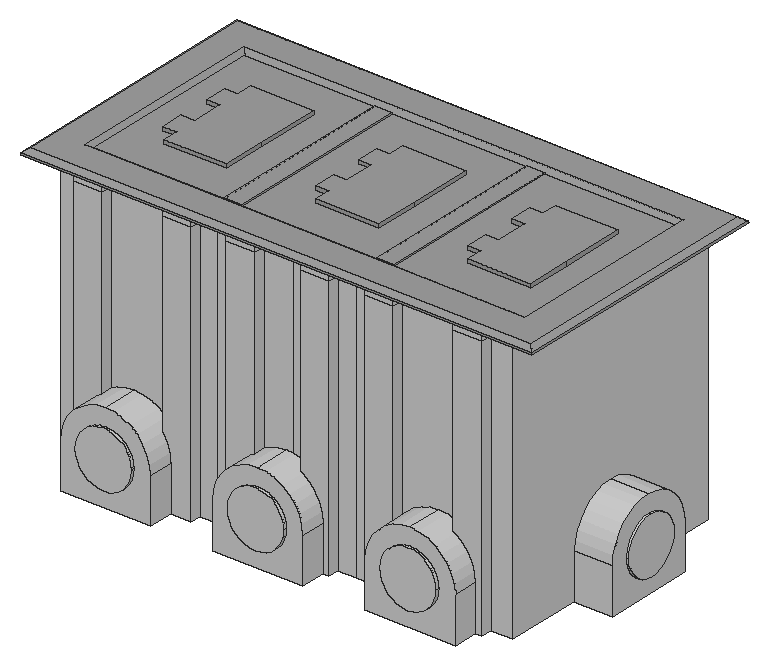
Revit family "Electrical_Equipment-Floor_Box-Hubbell_Wiring-3_Gang-Rectangular_Non_Metallic_Cover-PFBRG3", category Electrical Fixtures, host Face, Revit 2015
Parameters (values of type "PFBRG3 - 3 Gang - Metal Cover")
  Unit Height Note [instance] = "Min = 3.0in.  Max = 6.0in."  # constant formula
  Unit Height [instance] = 0' - 6"
  URL = "http://www.hubbell-wiring.com/"
  Right Cover Type [instance] = Covers : PFBR826GYA - Non_Metallic Cover - Gray
  Product data url = "https://bimobject.com/hubbellwiring/product/systemone-pfbrg3"
  Product Page URL = "http://ecatalog.hubbell-wiring.com/productinformation/viewcatalog.aspx?Dest=hubbell-wiring.com/press/catalog/L.pdf&Page=4"
  Product Documentation Link = "http://ecatalog.hubbell-wiring.com/press/catalog/L-11.pdf"
  Model = "PFBRG3"
  Manufacturer = "Hubbell-Wiring"  # constant formula
  Left Cover Type [instance] = Covers : PFBR826GYA - Non_Metallic Cover - Gray
  Floor Box Type = Non_Metallic Concrete Floor Box : PFBRG3 - Non_Metallic Concrete Floor Box
  Description = "Flush Rectangular Non-Metallic Concrete Floor Boxes with Non_Metallic Covers"  # constant formula
  Default Elevation = 0' - 0"
  Cover Accessory Type [instance] = Carpet Flange : PFBRFGY3 - Non_Metallic Carpet Flange - Gray
  Construction Note [instance] = "Cover with Duplex and Style Line decorator inserts included"  # constant formula
  Conduit Connector_8 Description = "Conduit 1.25in. Connection"  # constant formula
  Conduit Connector_7 Description = "Conduit 1.25in. Connection"  # constant formula
  Conduit Connector_6 Description = "Conduit 1.25in. Connection"  # constant formula
  Conduit Connector_5 Description = "Conduit 1.25in. Connection"  # constant formula
  Conduit Connector_4 Description = "Conduit 1.25in. Connection"  # constant formula
  Conduit Connector_3 Description = "Conduit 1.25in. Connection"  # constant formula
  Conduit Connector_2 Description = "Conduit 1.25in. Connection"  # constant formula
  Conduit Connector_1 Description = "Conduit 1.25in. Connection"  # constant formula
  Conduit Connector 1 Radius = 0' - 0 5/8"  # constant formula
  Collar Material = Non_Metallic-Hubbell-Plastic
  Center Cover Type [instance] = Covers : PFBR826GYA - Non_Metallic Cover - Gray
  Box Material = Non_Metallic-Hubbell-Plastic
  Assembly Code = "D5020115"
  Adapter Ring Part Number = "PFBRAC"
  Adapter Frame Part Number = "S5017G / SA5017G"
Reference planes (in)
  plane 1 "Center (Front/Back)": y = 0
  plane 2: z = 0
  plane 3 "Center (Left/Right)": x = 0
Forms (in)
  Extrusion 1, void, detail levels fine
    sketch origin (0, 0, 0) x (1, 0, 0) y (0, 1, 0)
      loop
        line (-5.01062, 3) -> (-5.01062, -3) -> (5.01063, -3) -> (5.01063, 3) -> (-5.01062, 3)
    from 0 to -6
Lines and regions (in)
  symbolic lines
    curve 1: line (-5.67, -3, 0) -> (5.66984, -3, 0)
    curve 2: line (-5.67, 3, 0) -> (-5.67, -3, 0)
    curve 3: line (5.66984, 3, 0) -> (-5.67, 3, 0)
    curve 4: line (5.66984, -3, 0) -> (5.66984, 3, 0)
Dimensions and locks (in)
  locked: host face to nested 3 at 0.04297
  aligned and locked: plane 2 to host face
  aligned and locked: level to host face
  aligned: level to Extrusion 1
  aligned and locked: plane 1 "Center (Front/Back)" to nested 1
  aligned: plane 2 to nested 1  (x4)
  aligned: Extrusion 1 to nested 1  (x8)
  aligned and locked: plane 1 "Center (Front/Back)" to nested 2
  aligned and locked: plane 3 "Center (Left/Right)" to nested 2
  aligned and locked: plane 3 "Center (Left/Right)" to nested 1
  aligned: plane 2 to nested 2
  aligned: Extrusion 1 to nested 2  (x2)
  aligned: nested 1 to Extrusion 1
  aligned: nested 2 to plane 2  (x2)
  aligned and locked: host face to Extrusion 1
  aligned and locked: plane 1 "Center (Front/Back)" to nested 3
  aligned: nested 3 to nested 1  (x2)
  aligned: nested 4 to nested 1  (x2)
  aligned and locked: plane 1 "Center (Front/Back)" to nested 4
  aligned: nested 4 to nested 3
  aligned and locked: plane 3 "Center (Left/Right)" to nested 5
  aligned and locked: plane 1 "Center (Front/Back)" to nested 5
  aligned: nested 4 to nested 5
  aligned and locked: nested 1 to nested 3
  aligned and locked: nested 4 to nested 1
  aligned and locked: Extrusion 1 to nested 1  (x3)
  aligned and locked: plane 2 to nested 1
  aligned and locked: nested 2 to host face
  aligned and locked: nested 5 to nested 3
  aligned and locked: nested 4 to nested 5
  aligned and locked: Extrusion 1 to nested 2
  aligned and locked: nested 2 to Extrusion 1
  aligned and locked: curve 1 to nested 2
  aligned and locked: curve 2 to nested 2
  aligned and locked: curve 3 to nested 2
  aligned and locked: curve 4 to nested 2
Nested families (in)
  nested 1: "Non_Metallic Concrete Floor Box" at (-3.37688, 0, 0), Unit Height <- "Unit Height", type <- "Floor Box Type", type "PFBRG3 - Non_Metallic Concrete Floor Box"
    with Unit Height 0' - 6"
  nested 2: "Carpet Flange" at (0, 0, 0), type <- "Cover Accessory Type", type "PFBRFGY3 - Non_Metallic Carpet Flange - Gray"
  nested 3: "Covers" at (-3.37687, 0, -0.04297), type <- "Left Cover Type", type "PFBR826GYA - Non_Metallic Cover - Gray"
  nested 4: "Covers" at (3.37688, 0, -0.04297), type <- "Right Cover Type", type "PFBR826GYA - Non_Metallic Cover - Gray"
  nested 5: "Covers" at (0, 0, -0.04297), type <- "Center Cover Type", type "PFBR826GYA - Non_Metallic Cover - Gray"
Connectors (in)
  cabletrayconduit at (-3.37687, -3.56429, -5), diameter 1.25, driven by "Conduit Connector 1 Radius", driven by "Conduit Connector_1 Description"
    settings: on nested 1, index 1, connector width 1' - 0", connector height 1' - 0", connector angle 0.00°, system type 32, placement type 0, profile type 0, connector reference index -1, is primary connector yes, connector utility param no, connector description "Conduit 1.25in. Connection"
  cabletrayconduit at (0, -3.56429, -5), diameter 1.25, driven by "Conduit Connector 1 Radius", driven by "Conduit Connector_2 Description"
    settings: on nested 1, index 2, connector width 1' - 0", connector height 1' - 0", connector angle 0.00°, system type 32, placement type 0, profile type 0, connector reference index -1, is primary connector no, connector utility param no, connector description "Conduit 1.25in. Connection"
  cabletrayconduit at (3.37688, -3.56429, -5), diameter 1.25, driven by "Conduit Connector 1 Radius", driven by "Conduit Connector_3 Description"
    settings: on nested 1, index 3, connector width 1' - 0", connector height 1' - 0", connector angle 0.00°, system type 32, placement type 0, profile type 0, connector reference index -1, is primary connector no, connector utility param no, connector description "Conduit 1.25in. Connection"
  cabletrayconduit at (5.92312, -0.00392, -5), diameter 1.25, driven by "Conduit Connector 1 Radius", driven by "Conduit Connector_4 Description"
    settings: on nested 1, index 4, connector width 1' - 0", connector height 1' - 0", connector angle 0.00°, system type 32, placement type 0, profile type 0, connector reference index -1, is primary connector no, connector utility param no, connector description "Conduit 1.25in. Connection"
  cabletrayconduit at (3.37688, 3.56429, -5), diameter 1.25, driven by "Conduit Connector 1 Radius", driven by "Conduit Connector_5 Description"
    settings: on nested 1, index 5, connector width 1' - 0", connector height 1' - 0", connector angle 0.00°, system type 32, placement type 0, profile type 0, connector reference index -1, is primary connector no, connector utility param no, connector description "Conduit 1.25in. Connection"
  cabletrayconduit at (0, 3.56429, -5), diameter 1.25, driven by "Conduit Connector 1 Radius", driven by "Conduit Connector_6 Description"
    settings: on nested 1, index 6, connector width 1' - 0", connector height 1' - 0", connector angle 0.00°, system type 32, placement type 0, profile type 0, connector reference index -1, is primary connector no, connector utility param no, connector description "Conduit 1.25in. Connection"
  cabletrayconduit at (-3.37687, 3.56429, -5), diameter 1.25, driven by "Conduit Connector 1 Radius", driven by "Conduit Connector_7 Description"
    settings: on nested 1, index 7, connector width 1' - 0", connector height 1' - 0", connector angle 0.00°, system type 32, placement type 0, profile type 0, connector reference index -1, is primary connector no, connector utility param no, connector description "Conduit 1.25in. Connection"
  cabletrayconduit at (-6.08187, 0, -5), diameter 1.25, driven by "Conduit Connector 1 Radius", driven by "Conduit Connector_8 Description"
    settings: on nested 1, index 8, connector width 1' - 0", connector height 1' - 0", connector angle 0.00°, system type 32, placement type 0, profile type 0, connector reference index -1, is primary connector no, connector utility param no, connector description "Conduit 1.25in. Connection"
Definition of nested family "Non_Metallic Concrete Floor Box"
  Parameters
    Unit Height [instance] = 0' - 6"
    Cover Material = none
    Conduit Connector Offset = 0' - 1"
    Conduit Connector 1 Radius = 0' - 0 5/8"
    Can Material = none
    Assembly Code = ""
  Reference planes (in)
    plane 1 "Center (Front/Back)": y = 0
    plane 2: z = 0
    plane 3 "Left Cover": x = 0
    plane 4: z = -6
    plane 5: z = -5
    plane 6 "Center Cover": x = 3.37688
    plane 7 "Right Cover": x = 6.75375
  Forms (in)
    Extrusion 1, solid, material <- "Can Material"
      sketch origin (0, 0, 0) x (1, 0, 0) y (0, 0, -1)
        loop
          arc (-0.625, 5) -> (-0.44194, 4.55806) -> (0, 4.375) r 0.625
          arc (0, 4.375) -> (0.44194, 4.55806) -> (0.625, 5) r 0.625
          arc (0.625, 5) -> (0.44194, 5.44194) -> (0, 5.625) r 0.625
          arc (0, 5.625) -> (-0.44194, 5.44194) -> (-0.625, 5) r 0.625
      from -3.50179 to -3.56429
    Extrusion 2, solid, material <- "Can Material"
      sketch origin (0, 0, -2) x (1, 0, 0) y (0, 0, 1)
        loop
          line (-1, -4) -> (1, -4) -> (1, -3)
          arc (1, -3) -> (0.70711, -2.29289) -> (0, -2) r 1
          arc (0, -2) -> (-0.70711, -2.29289) -> (-1, -3) r 1
          line (-1, -3) -> (-1, -4)
      from 2.705 to 3.50179
    Extrusion 3, solid, material <- "Can Material"
      sketch origin (0, 0, 0) x (1, 0, 0) y (0, 0, 1)
        loop
          arc (-0.625, -5) -> (-0.44194, -5.44194) -> (0, -5.625) r 0.625
          arc (0, -5.625) -> (0.44194, -5.44194) -> (0.625, -5) r 0.625
          arc (0.625, -5) -> (0.44194, -4.55806) -> (0, -4.375) r 0.625
          arc (0, -4.375) -> (-0.44194, -4.55806) -> (-0.625, -5) r 0.625
      from -3.50179 to -3.56429
    Extrusion 4, solid, material <- "Can Material"
      sketch origin (0, 0, 0) x (1, 0, 0) y (0, 0, -1)
        loop
          arc (-1, 5) -> (-0.70711, 4.29289) -> (0, 4) r 1
          arc (0, 4) -> (0.70711, 4.29289) -> (1, 5) r 1
          line (1, 5) -> (1, 6) -> (-1, 6) -> (-1, 5)
      from 2.705 to 3.50179
    Extrusion 5, solid, material <- "Can Material"
      sketch origin (0, 0, 0) x (0, 1, 0) y (0, 0, 1)
        loop
          arc (-0.625, -5) -> (-0.44194, -5.44194) -> (0, -5.625) r 0.625
          arc (0, -5.625) -> (0.44194, -5.44194) -> (0.625, -5) r 0.625
          arc (0.625, -5) -> (0.44194, -4.55806) -> (0, -4.375) r 0.625
          arc (0, -4.375) -> (-0.44194, -4.55806) -> (-0.625, -5) r 0.625
      from -2.6425 to -2.705
    Extrusion 6, solid, material <- "Can Material"
      sketch origin (0, 0, 0) x (0, 1, 0) y (0, 0, -1)
        loop
          line (-1, 6) -> (-1, 5)
          arc (-1, 5) -> (-0.70711, 4.29289) -> (0, 4) r 1
          arc (0, 4) -> (0.70711, 4.29289) -> (1, 5) r 1
          line (1, 5) -> (1, 6) -> (-1, 6)
      from 1.4965 to 2.6425
    Extrusion 7, solid, material <- "Cover Material"
      sketch origin (0, 0, 0.22509) x (1, 0, 0) y (0, 1, 0)
        loop
          line (4.87338, 2.078) -> (1.88038, 2.078) -> (1.88038, -2.078) -> (4.87338, -2.078) -> (4.87338, 2.078)
        loop
          line (-1.4965, 2.078) -> (-1.4965, -2.078) -> (1.4965, -2.078) -> (1.4965, 2.078) -> (-1.4965, 2.078)
        loop
          line (-1.14044, 2.705) -> (-1.63375, 2.705) -> (-1.63375, -2.705) -> (-1.14044, -2.705) -> (-1.14044, -2.955) -> (-0.51424, -2.955) -> (-0.51424, -2.705) -> (0.82674, -2.705) -> (0.82674, -2.955) -> (1.45294, -2.955) -> (1.45294, -2.705) -> (1.82958, -2.705) -> (2.23644, -2.705) -> (2.23644, -2.955) -> (2.86264, -2.955) -> (2.86264, -2.705) -> (3.53312, -2.705) -> (3.89111, -2.705) -> (3.89111, -2.955) -> (4.51731, -2.955) -> (4.51731, -2.705) -> (4.92417, -2.705) -> (5.30081, -2.705) -> (5.30081, -2.955) -> (5.92701, -2.955) -> (5.92701, -2.705) -> (7.26799, -2.705) -> (7.26799, -2.955) -> (7.89419, -2.955) -> (7.89419, -2.705) -> (8.3875, -2.705) -> (8.3875, 2.705) -> (7.89419, 2.705) -> (7.89419, 2.955) -> (7.26799, 2.955) -> (7.26799, 2.705) -> (5.92701, 2.705) -> (5.92701, 2.955) -> (5.30081, 2.955) -> (5.30081, 2.705) -> (5.04861, 2.705) -> (4.51731, 2.705) -> (4.51731, 2.955) -> (3.89111, 2.955) -> (3.89111, 2.705) -> (2.86264, 2.705) -> (2.86264, 2.955) -> (2.23644, 2.955) -> (2.23644, 2.705) -> (1.70514, 2.705) -> (1.45294, 2.705) -> (1.45294, 2.955) -> (0.82674, 2.955) -> (0.82674, 2.705) -> (-0.51424, 2.705) -> (-0.51424, 2.955) -> (-1.14044, 2.955) -> (-1.14044, 2.705)
        loop
          line (8.25025, 2.078) -> (5.25725, 2.078) -> (5.25725, -2.078) -> (8.25025, -2.078) -> (8.25025, 2.078)
      from -0.36509 to -0.22509
    Extrusion 8, solid, material <- "Can Material"
      sketch origin (0, 0, 7.9375) x (1, 0, 0) y (0, 1, 0)
        loop
          line (0.82674, 2.705) -> (-0.51424, 2.705) -> (-0.51424, 2.955) -> (-1.14044, 2.955) -> (-1.14044, 2.705) -> (-1.63375, 2.705) -> (-1.63375, -2.705) -> (-1.14044, -2.705) -> (-1.14044, -2.955) -> (-0.51424, -2.955) -> (-0.51424, -2.705) -> (0.82674, -2.705) -> (0.82674, -2.955) -> (1.45294, -2.955) -> (1.45294, -2.705) -> (1.82958, -2.705) -> (2.23644, -2.705) -> (2.23644, -2.955) -> (2.86264, -2.955) -> (2.86264, -2.705) -> (3.53312, -2.705) -> (3.89111, -2.705) -> (3.89111, -2.955) -> (4.51731, -2.955) -> (4.51731, -2.705) -> (4.92417, -2.705) -> (5.30081, -2.705) -> (5.30081, -2.955) -> (5.92701, -2.955) -> (5.92701, -2.705) -> (7.26799, -2.705) -> (7.26799, -2.955) -> (7.89419, -2.955) -> (7.89419, -2.705) -> (8.3875, -2.705) -> (8.3875, 2.705) -> (7.89419, 2.705) -> (7.89419, 2.955) -> (7.26799, 2.955) -> (7.26799, 2.705) -> (5.92701, 2.705) -> (5.92701, 2.955) -> (5.30081, 2.955) -> (5.30081, 2.705) -> (5.04861, 2.705) -> (4.51731, 2.705) -> (4.51731, 2.955) -> (3.89111, 2.955) -> (3.89111, 2.705) -> (2.86264, 2.705) -> (2.86264, 2.955) -> (2.23644, 2.955) -> (2.23644, 2.705) -> (1.70514, 2.705) -> (1.45294, 2.705) -> (1.45294, 2.955) -> (0.82674, 2.955) -> (0.82674, 2.705)
      from -13.9375 to -12.9375
    Extrusion 9, solid, material <- "Can Material"
      sketch origin (0, 0, 7.9375) x (1, 0, 0) y (0, 1, 0)
        loop
          line (0.82674, 2.705) -> (-0.51424, 2.705) -> (-0.51424, 2.955) -> (-1.14044, 2.955) -> (-1.14044, 2.705) -> (-1.63375, 2.705) -> (-1.63375, -2.705) -> (-1.14044, -2.705) -> (-1.14044, -2.955) -> (-0.51424, -2.955) -> (-0.51424, -2.705) -> (0.82674, -2.705) -> (0.82674, -2.955) -> (1.45294, -2.955) -> (1.45294, -2.705) -> (1.82958, -2.705) -> (2.23644, -2.705) -> (2.23644, -2.955) -> (2.86264, -2.955) -> (2.86264, -2.705) -> (3.53312, -2.705) -> (3.89111, -2.705) -> (3.89111, -2.955) -> (4.51731, -2.955) -> (4.51731, -2.705) -> (4.92417, -2.705) -> (5.30081, -2.705) -> (5.30081, -2.955) -> (5.92701, -2.955) -> (5.92701, -2.705) -> (7.26799, -2.705) -> (7.26799, -2.955) -> (7.89419, -2.955) -> (7.89419, -2.705) -> (8.3875, -2.705) -> (8.3875, 2.705) -> (7.89419, 2.705) -> (7.89419, 2.955) -> (7.26799, 2.955) -> (7.26799, 2.705) -> (5.92701, 2.705) -> (5.92701, 2.955) -> (5.30081, 2.955) -> (5.30081, 2.705) -> (5.04861, 2.705) -> (4.51731, 2.705) -> (4.51731, 2.955) -> (3.89111, 2.955) -> (3.89111, 2.705) -> (2.86264, 2.705) -> (2.86264, 2.955) -> (2.23644, 2.955) -> (2.23644, 2.705) -> (1.70514, 2.705) -> (1.45294, 2.705) -> (1.45294, 2.955) -> (0.82674, 2.955) -> (0.82674, 2.705)
        loop
          line (-1.4965, 2.078) -> (-1.4965, -2.078) -> (1.4965, -2.078) -> (1.4965, 2.078) -> (-1.4965, 2.078)
        loop
          line (1.88038, 2.078) -> (1.88038, -2.078) -> (4.87338, -2.078) -> (4.87338, 2.078) -> (1.88038, 2.078)
        loop
          line (5.25725, 2.078) -> (5.25725, -2.078) -> (8.25025, -2.078) -> (8.25025, 2.078) -> (5.25725, 2.078)
      from -12.9375 to -8.0775
    Extrusion 10, solid, material <- "Can Material"
      sketch origin (3.37688, 0, 0) x (1, 0, 0) y (0, 0, -1)
        loop
          arc (-0.625, 5) -> (-0.44194, 4.55806) -> (0, 4.375) r 0.625
          arc (0, 4.375) -> (0.44194, 4.55806) -> (0.625, 5) r 0.625
          arc (0.625, 5) -> (0.44194, 5.44194) -> (0, 5.625) r 0.625
          arc (0, 5.625) -> (-0.44194, 5.44194) -> (-0.625, 5) r 0.625
      from -3.50179 to -3.56429
    Extrusion 11, solid, material <- "Can Material"
      sketch origin (3.37688, 0, -2) x (1, 0, 0) y (0, 0, 1)
        loop
          line (-1, -4) -> (1, -4) -> (1, -3)
          arc (1, -3) -> (0.70711, -2.29289) -> (0, -2) r 1
          arc (0, -2) -> (-0.70711, -2.29289) -> (-1, -3) r 1
          line (-1, -3) -> (-1, -4)
      from 2.705 to 3.50179
    Extrusion 12, solid, material <- "Can Material"
      sketch origin (3.37688, 0, 0) x (1, 0, 0) y (0, 0, 1)
        loop
          arc (-0.625, -5) -> (-0.44194, -5.44194) -> (0, -5.625) r 0.625
          arc (0, -5.625) -> (0.44194, -5.44194) -> (0.625, -5) r 0.625
          arc (0.625, -5) -> (0.44194, -4.55806) -> (0, -4.375) r 0.625
          arc (0, -4.375) -> (-0.44194, -4.55806) -> (-0.625, -5) r 0.625
      from -3.50179 to -3.56429
    Extrusion 13, solid, material <- "Can Material"
      sketch origin (3.37688, 0, 0) x (1, 0, 0) y (0, 0, -1)
        loop
          arc (-1, 5) -> (-0.70711, 4.29289) -> (0, 4) r 1
          arc (0, 4) -> (0.70711, 4.29289) -> (1, 5) r 1
          line (1, 5) -> (1, 6) -> (-1, 6) -> (-1, 5)
      from 2.705 to 3.50179
    Extrusion 14, solid, material <- "Can Material"
      sketch origin (6.66913, -0.00392, 0) x (0, 1, 0) y (0, 0, -1)
        loop
          arc (-0.625, 5) -> (-0.44194, 4.55806) -> (0, 4.375) r 0.625
          arc (0, 4.375) -> (0.44194, 4.55806) -> (0.625, 5) r 0.625
          arc (0.625, 5) -> (0.44194, 5.44194) -> (0, 5.625) r 0.625
          arc (0, 5.625) -> (-0.44194, 5.44194) -> (-0.625, 5) r 0.625
      from -2.56837 to -2.63087
    Extrusion 15, solid, material <- "Can Material"
      sketch origin (6.595, 0, 0) x (0, 1, 0) y (0, 0, 1)
        loop
          arc (0, -4) -> (-0.70711, -4.29289) -> (-1, -5) r 1
          line (-1, -5) -> (-1, -6) -> (1, -6) -> (1, -5)
          arc (1, -5) -> (0.70711, -4.29289) -> (0, -4) r 1
      from 1.66217 to 2.6425
    Extrusion 16, solid, material <- "Can Material"
      sketch origin (6.75375, 0, 0) x (1, 0, 0) y (0, 0, -1)
        loop
          arc (-0.625, 5) -> (-0.44194, 4.55806) -> (0, 4.375) r 0.625
          arc (0, 4.375) -> (0.44194, 4.55806) -> (0.625, 5) r 0.625
          arc (0.625, 5) -> (0.44194, 5.44194) -> (0, 5.625) r 0.625
          arc (0, 5.625) -> (-0.44194, 5.44194) -> (-0.625, 5) r 0.625
      from -3.50179 to -3.56429
    Extrusion 17, solid, material <- "Can Material"
      sketch origin (6.75375, 0, -2) x (1, 0, 0) y (0, 0, 1)
        loop
          line (-1, -4) -> (1, -4) -> (1, -3)
          arc (1, -3) -> (0.70711, -2.29289) -> (0, -2) r 1
          arc (0, -2) -> (-0.70711, -2.29289) -> (-1, -3) r 1
          line (-1, -3) -> (-1, -4)
      from 2.705 to 3.50179
    Extrusion 18, solid, material <- "Can Material"
      sketch origin (6.75375, 0, 0) x (1, 0, 0) y (0, 0, 1)
        loop
          arc (-0.625, -5) -> (-0.44194, -5.44194) -> (0, -5.625) r 0.625
          arc (0, -5.625) -> (0.44194, -5.44194) -> (0.625, -5) r 0.625
          arc (0.625, -5) -> (0.44194, -4.55806) -> (0, -4.375) r 0.625
          arc (0, -4.375) -> (-0.44194, -4.55806) -> (-0.625, -5) r 0.625
      from -3.50179 to -3.56429
    Extrusion 19, solid, material <- "Can Material"
      sketch origin (6.75375, 0, 0) x (1, 0, 0) y (0, 0, -1)
        loop
          arc (-1, 5) -> (-0.70711, 4.29289) -> (0, 4) r 1
          arc (0, 4) -> (0.70711, 4.29289) -> (1, 5) r 1
          line (1, 5) -> (1, 6) -> (-1, 6) -> (-1, 5)
      from 2.705 to 3.50179
  Cuts and joins
    joined: Extrusion 1, Extrusion 2, Extrusion 3, Extrusion 4, Extrusion 5, Extrusion 6, Extrusion 8, Extrusion 9, Extrusion 10, Extrusion 11, Extrusion 12, Extrusion 13, Extrusion 14, Extrusion 15, Extrusion 16, Extrusion 17, Extrusion 18, Extrusion 19
  Dimensions and locks (in)
    "Conduit Connector Offset": plane 5 to plane 4
    "Unit Height": level to plane 4
    "Conduit Connector 1 Radius": radius of Extrusion 1 sketch curve
    "Conduit Connector 1 Radius": radius of Extrusion 3 sketch curve
    "Conduit Connector 1 Radius": radius of Extrusion 5 sketch curve
    "Conduit Connector 1 Radius": radius of Extrusion 10 sketch curve
    "Conduit Connector 1 Radius": radius of Extrusion 12 sketch curve
    "Conduit Connector 1 Radius": radius of Extrusion 14 sketch curve
    "Conduit Connector 1 Radius": radius of Extrusion 16 sketch curve
    "Conduit Connector 1 Radius": radius of Extrusion 18 sketch curve
    aligned and locked: plane 2 to level
    aligned and locked: Extrusion 1 to Extrusion 2
    aligned and locked: Extrusion 4 to Extrusion 3
    aligned and locked: Extrusion 6 to Extrusion 5
    aligned: plane 2 to Extrusion 7
    aligned: plane 4 to Extrusion 8
    aligned and locked: level to Extrusion 7
    aligned: Extrusion 8 to plane 5
    aligned and locked: Extrusion 9 to plane 5
    aligned and locked: Extrusion 7 to Extrusion 9
    aligned and locked: Extrusion 10 to Extrusion 11
    aligned and locked: Extrusion 13 to Extrusion 12
    aligned and locked: Extrusion 14 to Extrusion 15
    aligned and locked: Extrusion 16 to Extrusion 17
    aligned and locked: Extrusion 19 to Extrusion 18
    aligned and locked: cut or joined group 1 (Extrusion 1, Extrusion 2, Extrusion 3, Extrusion 4, Extrusion 5, Extrusion 6, Extrusion 8, Extrusion 9, Extrusion 10, Extrusion 11, Extrusion 12, Extrusion 13, Extrusion 14, Extrusion 15, Extrusion 16, Extrusion 17, Extrusion 18, Extrusion 19) to plane 5  (x4)
    aligned and locked: cut or joined group 1 to plane 4  (x9)
    aligned and locked: plane 4 to cut or joined group 1  (x3)
    aligned and locked: plane 5 to cut or joined group 1  (x6)
  Automatic sketch dimensions
    Extrusion 1 sketch curve to Extrusion 1 sketch curve = 0' - 0"
    Extrusion 1 sketch curve to plane 5 = 0' - 0"
    Extrusion 1 sketch curve to plane 3 "Left Cover" = 0' - 0"
    Extrusion 2 sketch curve to Extrusion 2 sketch curve = 0' - 0"  (x2)
    Extrusion 2 sketch curve to plane 5 = 0' - 0"
    Extrusion 2 sketch curve to plane 4 = 0' - 0"
    Extrusion 2 sketch curve to plane 3 "Left Cover" = 0' - 0"
    Extrusion 2 sketch curve to plane 3 "Left Cover" = 0' - 1"
    Extrusion 3 sketch curve to Extrusion 3 sketch curve = 0' - 0"
    Extrusion 3 sketch curve to plane 5 = 0' - 0"
    Extrusion 3 sketch curve to plane 3 "Left Cover" = 0' - 0"
    Extrusion 4 sketch curve to Extrusion 4 sketch curve = 0' - 0"  (x2)
    Extrusion 4 sketch curve to plane 5 = 0' - 0"
    Extrusion 4 sketch curve to plane 4 = 0' - 0"
    Extrusion 4 sketch curve to plane 3 "Left Cover" = 0' - 0"
    Extrusion 4 sketch curve to Extrusion 4 sketch curve = 0' - 1"
    Extrusion 5 sketch curve to Extrusion 5 sketch curve = 0' - 0"
    Extrusion 5 sketch curve to plane 5 = 0' - 0"
    Extrusion 5 sketch curve to plane 1 "Center (Front/Back)" = 0' - 0"
    Extrusion 6 sketch curve to Extrusion 6 sketch curve = 0' - 0"  (x2)
    Extrusion 6 sketch curve to plane 4 = 0' - 0"
    Extrusion 6 sketch curve to plane 5 = 0' - 0"
    Extrusion 6 sketch curve to plane 1 "Center (Front/Back)" = 0' - 0"
    plane 1 "Center (Front/Back)" to Extrusion 6 sketch curve = 0' - 1"
    Extrusion 7 sketch curve to plane 3 "Left Cover" = 0' - 1.63375"
    Extrusion 7 sketch curve to Extrusion 7 sketch curve = 0' - 0.13725"
    Extrusion 7 sketch curve to Extrusion 7 sketch curve = 0' - 0.49331"  (x3)
    Extrusion 7 sketch curve to plane 3 "Left Cover" = 0' - 0.51424"  (x2)
    plane 3 "Left Cover" to Extrusion 7 sketch curve = 0' - 0.82674"  (x2)
    Extrusion 7 sketch curve to Extrusion 7 sketch curve = 0' - 0.5313"  (x2)
    Extrusion 7 sketch curve to Extrusion 7 sketch curve = 0' - 0.40685"  (x2)
    plane 6 "Center Cover" to Extrusion 7 sketch curve = 0' - 0.51424"  (x2)
    Extrusion 7 sketch curve to plane 6 "Center Cover" = 0' - 0 5/32"
    Extrusion 7 sketch curve to Extrusion 7 sketch curve = 0' - 0.35799"
    Extrusion 7 sketch curve to plane 6 "Center Cover" = 0' - 0.51424"
    Extrusion 7 sketch curve to Extrusion 7 sketch curve = 0' - 0.6262"  (x8)
    Extrusion 7 sketch curve to plane 7 "Right Cover" = 0' - 0.51424"  (x2)
    Extrusion 7 sketch curve to Extrusion 7 sketch curve = 0' - 0.35606"  (x2)
    plane 1 "Center (Front/Back)" to Extrusion 7 sketch curve = 0' - 2.955"
    Extrusion 7 sketch curve to Extrusion 7 sketch curve = 0' - 0"  (x10)
    Extrusion 7 sketch curve to Extrusion 7 sketch curve = 0' - 0 1/4"  (x13)
    Extrusion 7 sketch curve to Extrusion 7 sketch curve = 0' - 0.627"  (x7)
    Extrusion 7 sketch curve to plane 1 "Center (Front/Back)" = 0' - 2.078"
    Extrusion 8 sketch curve to plane 3 "Left Cover" = 0' - 1.63375"
    Extrusion 8 sketch curve to Extrusion 8 sketch curve = 0' - 0.49331"  (x3)
    Extrusion 8 sketch curve to plane 3 "Left Cover" = 0' - 0.51424"  (x2)
    plane 3 "Left Cover" to Extrusion 8 sketch curve = 0' - 0.82674"  (x2)
    Extrusion 8 sketch curve to Extrusion 8 sketch curve = 0' - 0.40685"  (x2)
    plane 6 "Center Cover" to Extrusion 8 sketch curve = 0' - 0.51424"  (x2)
    Extrusion 8 sketch curve to plane 6 "Center Cover" = 0' - 0 5/32"
    Extrusion 8 sketch curve to plane 6 "Center Cover" = 0' - 0.51424"
    Extrusion 8 sketch curve to Extrusion 8 sketch curve = 0' - 0.35799"
    Extrusion 8 sketch curve to Extrusion 8 sketch curve = 0' - 0.6262"  (x8)
    Extrusion 8 sketch curve to plane 7 "Right Cover" = 0' - 0.51424"  (x2)
    plane 1 "Center (Front/Back)" to Extrusion 8 sketch curve = 0' - 2.955"  (x3)
    Extrusion 8 sketch curve to Extrusion 8 sketch curve = 0' - 0"  (x7)
    Extrusion 8 sketch curve to Extrusion 8 sketch curve = 0' - 0 1/4"  (x13)
    Extrusion 8 sketch curve to plane 1 "Center (Front/Back)" = 0' - 2.705"  (x3)
    Extrusion 9 sketch curve to plane 3 "Left Cover" = 0' - 1.63375"
    Extrusion 9 sketch curve to Extrusion 9 sketch curve = 0' - 0.13725"
    Extrusion 9 sketch curve to Extrusion 9 sketch curve = 0' - 0.49331"  (x3)
    Extrusion 9 sketch curve to plane 3 "Left Cover" = 0' - 0.51424"  (x2)
    plane 3 "Left Cover" to Extrusion 9 sketch curve = 0' - 0.82674"  (x2)
    Extrusion 9 sketch curve to Extrusion 9 sketch curve = 0' - 0.40685"  (x2)
    plane 6 "Center Cover" to Extrusion 9 sketch curve = 0' - 0.51424"  (x2)
    Extrusion 9 sketch curve to plane 6 "Center Cover" = 0' - 0 5/32"
    Extrusion 9 sketch curve to Extrusion 9 sketch curve = 0' - 0.35799"
    Extrusion 9 sketch curve to plane 6 "Center Cover" = 0' - 0.51424"
    Extrusion 9 sketch curve to Extrusion 9 sketch curve = 0' - 0.6262"  (x8)
    Extrusion 9 sketch curve to plane 7 "Right Cover" = 0' - 0.51424"  (x2)
    Extrusion 9 sketch curve to Extrusion 9 sketch curve = 0' - 0.35606"  (x2)
    plane 1 "Center (Front/Back)" to Extrusion 9 sketch curve = 0' - 2.955"  (x2)
    Extrusion 9 sketch curve to Extrusion 9 sketch curve = 0' - 0"  (x10)
    Extrusion 9 sketch curve to Extrusion 9 sketch curve = 0' - 0 1/4"  (x13)
    Extrusion 9 sketch curve to Extrusion 9 sketch curve = 0' - 0.627"  (x5)
    Extrusion 9 sketch curve to plane 1 "Center (Front/Back)" = 0' - 2.078"  (x2)
    Extrusion 10 sketch curve to Extrusion 10 sketch curve = 0' - 0"
    Extrusion 10 sketch curve to plane 5 = 0' - 0"
    plane 6 "Center Cover" to Extrusion 10 sketch curve = 0' - 0"
    Extrusion 11 sketch curve to Extrusion 11 sketch curve = 0' - 0"
    Extrusion 11 sketch curve to plane 5 = 0' - 0"
    Extrusion 11 sketch curve to plane 4 = 0' - 0"
    plane 6 "Center Cover" to Extrusion 11 sketch curve = 0' - 0"
    Extrusion 12 sketch curve to Extrusion 12 sketch curve = 0' - 0"
    Extrusion 12 sketch curve to plane 5 = 0' - 0"
    plane 6 "Center Cover" to Extrusion 12 sketch curve = 0' - 0"
    Extrusion 13 sketch curve to Extrusion 13 sketch curve = 0' - 0"
    Extrusion 13 sketch curve to plane 5 = 0' - 0"
    Extrusion 13 sketch curve to plane 4 = 0' - 0"
    plane 6 "Center Cover" to Extrusion 13 sketch curve = 0' - 0"
    Extrusion 14 sketch curve to Extrusion 14 sketch curve = 0' - 0"
    Extrusion 14 sketch curve to plane 5 = 0' - 0"
    plane 1 "Center (Front/Back)" to Extrusion 14 sketch curve = 0' - 0 161/256"
    Extrusion 15 sketch curve to Extrusion 15 sketch curve = 0' - 0"  (x2)
    Extrusion 15 sketch curve to plane 4 = 0' - 0"
    Extrusion 15 sketch curve to plane 5 = 0' - 0"
    Extrusion 15 sketch curve to plane 1 "Center (Front/Back)" = 0' - 0"
    plane 1 "Center (Front/Back)" to Extrusion 15 sketch curve = 0' - 1"
    Extrusion 16 sketch curve to Extrusion 16 sketch curve = 0' - 0"
    Extrusion 16 sketch curve to plane 5 = 0' - 0"
    plane 7 "Right Cover" to Extrusion 16 sketch curve = 0' - 0"
    Extrusion 17 sketch curve to Extrusion 17 sketch curve = 0' - 0"
    Extrusion 17 sketch curve to plane 5 = 0' - 0"
    Extrusion 17 sketch curve to plane 4 = 0' - 0"
    plane 7 "Right Cover" to Extrusion 17 sketch curve = 0' - 0"
    Extrusion 18 sketch curve to Extrusion 18 sketch curve = 0' - 0"
    Extrusion 18 sketch curve to plane 5 = 0' - 0"
    plane 7 "Right Cover" to Extrusion 18 sketch curve = 0' - 0"
    Extrusion 19 sketch curve to Extrusion 19 sketch curve = 0' - 0"
    Extrusion 19 sketch curve to plane 5 = 0' - 0"
    Extrusion 19 sketch curve to plane 4 = 0' - 0"
    plane 7 "Right Cover" to Extrusion 19 sketch curve = 0' - 0"
    Extrusion 7 sketch curve to Extrusion 7 sketch curve = 0' - 0.04356"
    Extrusion 7 sketch curve to Extrusion 7 sketch curve = 0' - 0.2522"  (x2)
    Extrusion 7 sketch curve to Extrusion 7 sketch curve = 0' - 0.37665"  (x2)
    Extrusion 7 sketch curve to Extrusion 7 sketch curve = 0' - 0.38388"  (x2)
    Extrusion 8 sketch curve to Extrusion 8 sketch curve = 0' - 0.2522"  (x2)
    Extrusion 8 sketch curve to Extrusion 8 sketch curve = 0' - 0.37665"  (x2)
    Extrusion 8 sketch curve to Extrusion 8 sketch curve = 0' - 0.5313"  (x2)
    Extrusion 9 sketch curve to Extrusion 9 sketch curve = 0' - 0.04356"
    Extrusion 9 sketch curve to Extrusion 9 sketch curve = 0' - 0.2522"  (x2)
    Extrusion 9 sketch curve to Extrusion 9 sketch curve = 0' - 0.37665"  (x2)
    Extrusion 9 sketch curve to Extrusion 9 sketch curve = 0' - 0.38388"  (x2)
    Extrusion 9 sketch curve to Extrusion 9 sketch curve = 0' - 0.5313"  (x2)
    plane 6 "Center Cover" to Extrusion 11 sketch curve = 0' - 1"
    Extrusion 13 sketch curve to Extrusion 13 sketch curve = 0' - 1"
    plane 7 "Right Cover" to Extrusion 17 sketch curve = 0' - 1"
    Extrusion 19 sketch curve to Extrusion 19 sketch curve = 0' - 1"
Definition of nested family "Carpet Flange"
  Parameters
    Width = 0' - 6"
    Tile Frame On = no
    Length = 0' - 11 87/256"
    Cover Material = none
    Carpet Flange On = yes
    Assembly Code = ""
    2-Piece Flange = no
    1-Piece Flange = no
  Reference planes (in)
    plane 1 "Center (Front/Back)": y = 0
    plane 2: z = 0
    plane 3 "Center (Left/Right)": x = 0
    plane 4: z = 0.125
    plane 5: z = 0.125
    plane 6: y = 2.085
    plane 7: y = 2.21
    plane 8: x = -4.755
    plane 9: x = -4.88
    plane 10: z = 0.125
  Forms (in)
    Sweep 1, solid, material <- "Cover Material", visible <- "2-Piece Flange"
      path in 3D
        loop
          line (-5.67, -3, 0) -> (5.66984, -3, 0) -> (5.66984, 3, 0) -> (-5.67, 3, 0) -> (-5.67, -3, 0)
      profile origin (-5.67, 0, 0) x (1, 0, 0) y (0, 0, 1)
        loop
          line (0, 0) -> (0.915, 0) -> (0.915, 0.03886)
          arc (0.915, 0.03886) -> (0.45305, 0.12419) -> (0, 0) r 1.05233
    Sweep 2, solid, material <- "Cover Material", visible <- "Carpet Flange On"
      path in 3D
        loop
          line (-5.67, 3, 0) -> (-5.67, -3, 0) -> (5.66984, -3, 0) -> (5.66984, 3, 0) -> (-5.67, 3, 0)
      profile origin (-0.00008, 3, 0) x (0, 1, 0) y (0, 0, -1)
        loop
          line (0, 0) -> (-0.915, 0) -> (-0.79, -0.125) -> (-0.125, -0.125) -> (0, -0.03882) -> (0, 0)
    Extrusion 3, solid, material <- "Cover Material"
      sketch origin (0.79781, 0, 0) x (1, 0, 0) y (0, 1, 0)
        loop
          line (-2.67781, 2.085) -> (-2.67781, -2.085) -> (-2.295, -2.085) -> (-2.295, 2.085) -> (-2.67781, 2.085)
      from -0.03489 to 0.0679
    Extrusion 4, solid, material <- "Cover Material"
      sketch origin (-0.79781, 0, 0) x (-1, 0, 0) y (0, -1, 0)
        loop
          line (-2.67781, -2.085) -> (-2.295, -2.085) -> (-2.295, 2.085) -> (-2.67781, 2.085) -> (-2.67781, -2.085)
      from -0.03489 to 0.0679
    Sweep 5, solid, material <- "Cover Material", visible <- "Tile Frame On"
      path in 3D
        loop
          line (-5.67, 3, 0) -> (-5.67, -3, 0) -> (5.66984, -3, 0) -> (5.66984, 3, 0) -> (-5.67, 3, 0)
      profile origin (-0.00008, 3, 0) x (0, 1, 0) y (0, 0, -1)
        loop
          line (-0.79, 0) -> (-0.915, 0) -> (-0.915, -0.03886) -> (-0.79, -0.125) -> (-0.79, 0)
  Lines and regions (in)
    Masking region 1
      outline origin (-3.245, 0, 0) x (1, 0, 0) y (0, 1, 0)
        loop
          line (-2.42505, 3.00006) -> (-2.42505, -3.00006) -> (8.915, -3.00006) -> (8.915, 3.00006) -> (-2.42505, 3.00006)
    reference lines
      curve 1: line (-5.67, 3, 0) -> (-5.67, -3, 0)
      curve 2: line (-5.67, -3, 0) -> (5.66984, -3, 0)
      curve 3: line (5.66984, -3, 0) -> (5.66984, 3, 0)
      curve 4: line (5.66984, 3, 0) -> (-5.67, 3, 0)
    sketch lines
      curve 5: line (-5.67, 3, 0) -> (-5.67, -3, 0)
      curve 6: line (5.66984, 3, 0) -> (-5.67, 3, 0)
      curve 7: line (5.66984, -3, 0) -> (5.66984, 3, 0)
      curve 8: line (-5.67, -3, 0) -> (5.66984, -3, 0)
      curve 9: line (5.66984, 3, 0) -> (-5.67, 3, 0)
      curve 10: line (5.66984, -3, 0) -> (5.66984, 3, 0)
      curve 11: line (-5.67, -3, 0) -> (5.66984, -3, 0)
      curve 12: line (-5.67, 3, 0) -> (-5.67, -3, 0)
      curve 13: line (5.66984, 3, 0) -> (-5.67, 3, 0)
      curve 14: line (5.66984, -3, 0) -> (5.66984, 3, 0)
      curve 15: line (-5.67, -3, 0) -> (5.66984, -3, 0)
      curve 16: line (-5.67, 3, 0) -> (-5.67, -3, 0)
  Dimensions and locks (in)
    "Length": curve 1 to curve 3
    aligned and locked: plane 2 to level
  Automatic sketch dimensions
    curve 1 to plane 3 "Center (Left/Right)" = 0' - 5.67"
    plane 1 "Center (Front/Back)" to curve 1 = 0' - 3"
    curve 3 to plane 1 "Center (Front/Back)" = 0' - 3"
    profile plane to Sweep 1 sketch curve = 0' - 0"
    Sweep 1 sketch curve to profile plane = 0' - 0"
    Sweep 1 sketch curve to profile plane = 0' - 0.49771"
    profile plane to Sweep 1 sketch curve = 0' - 0.03886"
    Sweep 1 sketch curve to profile plane = 0' - 0.915"
    profile plane to Sweep 2 sketch curve = 0' - 0"
    Sweep 2 sketch curve to plane 5 = 0' - 0"
    Sweep 2 sketch curve to profile plane = 0' - 0"
    profile plane to Sweep 2 sketch curve = 0' - 0 1/8"
    Sweep 2 sketch curve to Sweep 2 sketch curve = 0' - 0.665"
    Sweep 2 sketch curve to Sweep 2 sketch curve = 0' - 0 1/8"
    Sweep 2 sketch curve to Sweep 2 sketch curve = 0' - 0.03882"
    Masking region 1 sketch curve to plane 3 "Center (Left/Right)" = 0' - 5.67005"
    plane 3 "Center (Left/Right)" to Masking region 1 sketch curve = 0' - 5.67"
    plane 1 "Center (Front/Back)" to Masking region 1 sketch curve = 0' - 3.00006"
    Masking region 1 sketch curve to plane 1 "Center (Front/Back)" = 0' - 3.00006"
    Extrusion 3 sketch curve to plane 3 "Center (Left/Right)" = 0' - 1.88"
    Extrusion 3 sketch curve to Extrusion 3 sketch curve = 0' - 0 49/128"
    plane 1 "Center (Front/Back)" to Extrusion 3 sketch curve = 0' - 2.085"
    Extrusion 3 sketch curve to plane 1 "Center (Front/Back)" = 0' - 2.085"
    plane 3 "Center (Left/Right)" to Extrusion 4 sketch curve = 0' - 1.88"
    Extrusion 4 sketch curve to Extrusion 4 sketch curve = 0' - 0 49/128"
    Extrusion 4 sketch curve to plane 1 "Center (Front/Back)" = 0' - 2.085"
    plane 1 "Center (Front/Back)" to Extrusion 4 sketch curve = 0' - 2.085"
    profile plane to Sweep 5 sketch curve = 0' - 0"
    Sweep 5 sketch curve to plane 10 = 0' - 0"
    profile plane to Sweep 5 sketch curve = 0' - 0.79"
    Sweep 5 sketch curve to profile plane = 0' - 0.03886"
    Sweep 5 sketch curve to Sweep 5 sketch curve = 0' - 0 1/8"
Definition of nested family "Covers"
  Parameters
    Cover Material = none
    Assembly Code = ""
  Reference planes (in)
    plane 1 "Center (Front/Back)": y = 0
    plane 2: z = 0
    plane 3 "Center (Left/Right)": x = 0
  Forms (in)
    Extrusion 1, solid, material <- "Cover Material"
      sketch origin (0, 0, 0.38984) x (1, 0, 0) y (0, 1, 0)
        loop
          line (-1.50041, 2.08191) -> (-1.50041, -2.08191) -> (1.50041, -2.08191) -> (1.50041, 2.08191) -> (-1.50041, 2.08191)
      from -0.44 to -0.3
    Extrusion 2, solid, material <- "Cover Material", detail levels medium+fine
      sketch origin (0.14645, 0, -0.03016) x (1, 0, 0) y (0, 1, 0)
        loop
          line (-0.69687, 1.20711) -> (-0.69687, 0.85355) -> (-0.98976, 0.85355) -> (-0.98976, 0.35355) -> (-0.69687, 0.35355) -> (-0.69687, -0.35355) -> (-0.98976, -0.35355) -> (-0.98976, -0.85355) -> (-0.69687, -0.85355) -> (-0.69687, -1.20711) -> (0.69687, -1.20711) -> (0.69687, -0.24767) -> (0.69687, 1.20711) -> (-0.69687, 1.20711)
      from 0.12 to 0.20228
  Lines and regions (in)
    Masking region 1, detail levels medium+fine
      outline origin (0, -0.01575, 0) x (1, 0, 0) y (0, 1, 0)
        loop
          line (-1.50041, 2.09766) -> (-1.50041, -2.06616) -> (1.50041, -2.06616) -> (1.50041, 2.09766) -> (-1.50041, 2.09766)
    symbolic lines, detail levels fine
      curve 1: line (0.84332, 1.20711, 0) -> (-0.55042, 1.20711, 0)
      curve 2: line (-0.55042, 1.20711, 0) -> (-0.55042, 0.85355, 0)
      curve 3: line (-0.55042, 0.85355, 0) -> (-0.84332, 0.85355, 0)
      curve 4: line (-0.84332, 0.85355, 0) -> (-0.84332, 0.35355, 0)
      curve 5: line (-0.84332, 0.35355, 0) -> (-0.55042, 0.35355, 0)
      curve 6: line (-0.55042, 0.35355, 0) -> (-0.55042, -0.35355, 0)
      curve 7: line (-0.55042, -0.35355, 0) -> (-0.84332, -0.35355, 0)
      curve 8: line (-0.84332, -0.35355, 0) -> (-0.84332, -0.85355, 0)
      curve 9: line (-0.84332, -0.85355, 0) -> (-0.55042, -0.85355, 0)
      curve 10: line (-0.55042, -0.85355, 0) -> (-0.55042, -1.20711, 0)
      curve 11: line (-0.55042, -1.20711, 0) -> (0.84332, -1.20711, 0)
      curve 12: line (0.84332, -1.20711, 0) -> (0.84332, -0.24767, 0)
      curve 13: line (0.84332, -0.24767, 0) -> (0.84332, 1.20711, 0)
  Dimensions and locks (in)
    aligned and locked: plane 2 to level
